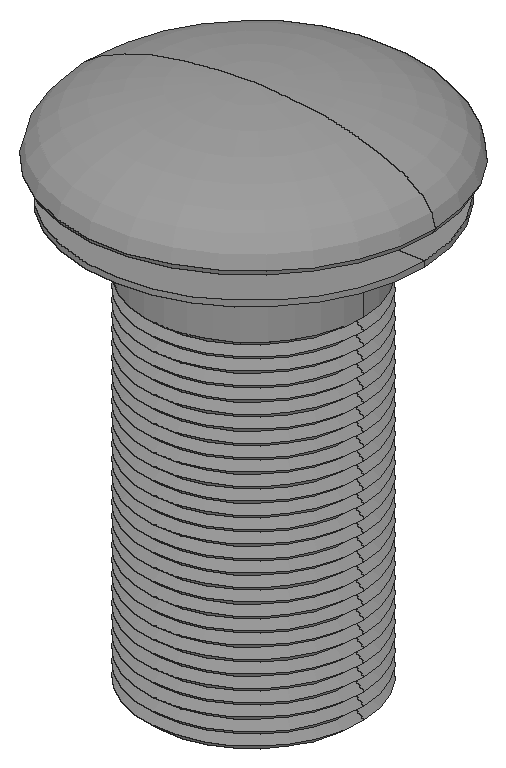
Revit family "BUILDMAT-POPCONGR-32mm_Concrete_Pop_Up_Waste-Meteor_Grey", category Plumbing Fixtures, Revit 2026
Family settings
  Round Connector Dimension = Use Diameter
  Part Type = Normal
  Work Plane-Based = Yes
  Enable Cutting in Views = Yes
  Always vertical = Yes
  Cut with Voids When Loaded = Yes
  Maintain Annotation Orientation = No
  Shared = No
  Room Calculation Point = No
Parameters
  Width = 66 mm
  PopUp_Material = BUILDMAT Meteor Grey
  MainBody_Material = BUILDMAT Stainless Steel
  Lock_Material = BUILDMAT Brass Gold
  Depth = 66 mm
  Default Elevation = 1219.2 mm
Reference planes
  plane 1 "Center (Front/Back)": y = 0
  plane 2: z = 0
  plane 3 "Center (Left/Right)": x = 0
  plane 4: x = -33
  plane 5: x = 33
  plane 6: y = 33
  plane 7: y = -33
  plane 8: z = 1
  plane 9: z = -5
  plane 10: z = -12
  plane 11: z = -78.68
  plane 12: z = 19
Forms (mm)
  Revolve 1, solid, material "BUILDMAT Stainless Steel" <- "MainBody_Material"
    sketch origin (0, 0, -0.397) x (1, 0, 0) y (0, 0, 1)
      loop
        line (0, 1.248) -> (0, -11.603) -> (-19.988, -11.603) -> (-19.988, -3.848)
        arc (-19.988, -3.848) -> (-20.47, -2.811) -> (-21.441, -2.207) r 2
        line (-21.441, -2.207) -> (-31, 0.397) -> (-31, 1.397) -> (0, 1.397)
      axis (0, 1.397) -> (0, -11.603)
    angle from 0 to 360
  Revolve 2, solid, material "BUILDMAT Stainless Steel" <- "MainBody_Material"
    sketch origin (0, 0, -4.369) x (1, 0, 0) y (0, 0, 1)
      loop
        line (0, -7.631) -> (-19.952, -7.631) -> (-18.463, -8.794) -> (-19.958, -9.962) -> (-18.463, -11.131) -> (-19.958, -12.299) -> (-18.463, -13.467) -> (-19.958, -14.635) -> (-18.463, -15.803) -> (-19.958, -16.971) -> (-18.463, -18.139) -> (-19.958, -19.308) -> (-18.463, -20.476) -> (-19.958, -21.644) -> (-18.463, -22.812) -> (-19.958, -23.98) -> (-18.463, -25.148) -> (-19.958, -26.316) -> (-18.463, -27.485) -> (-19.958, -28.653) -> (-18.463, -29.821) -> (-19.958, -30.989) -> (-18.463, -32.157) -> (-19.958, -33.325) -> (-18.463, -34.493) -> (-19.958, -35.662) -> (-18.463, -36.83) -> (-19.958, -37.998) -> (-18.463, -39.166) -> (-19.958, -40.334) -> (-18.463, -41.502) -> (-19.958, -42.67) -> (-18.463, -43.839) -> (-19.958, -45.007) -> (-18.463, -46.175) -> (-19.958, -47.343) -> (-18.463, -48.511) -> (-19.958, -49.679) -> (-18.463, -50.847) -> (-19.958, -52.016) -> (-18.463, -53.184) -> (-19.958, -54.352) -> (-18.463, -55.52) -> (-19.958, -56.688) -> (-18.463, -57.856) -> (-19.958, -59.024) -> (-18.463, -60.193) -> (-19.958, -61.361) -> (-18.463, -62.529) -> (-19.958, -63.697) -> (-18.463, -64.865) -> (-19.958, -66.033) -> (-18.463, -67.201) -> (-19.958, -68.369) -> (-18.463, -69.538) -> (-19.958, -70.706) -> (-18.463, -71.874) -> (-19.958, -73.042) -> (-18.334, -74.311) -> (0, -74.311) -> (0, -7.631)
      axis (0, -7.631) -> (0, -74.311)
    angle from 0 to 360
  Extrusion 3, solid, material "BUILDMAT Brass Gold" <- "Lock_Material"
    sketch origin (0, 0, 0) x (1, 0, 0) y (0, 1, 0)
      loop
        circle (0, 0) r 14.5
    from 1 to 6
  Revolve 4, solid, material "BUILDMAT Meteor Grey" <- "PopUp_Material"
    sketch origin (0, 0, 6) x (1, 0, 0) y (0, 0, 1)
      loop
        line (0, 0) -> (0, 13)
        spline (0, 13) -> (-4.307, 12.896) -> (-8.541, 12.587) -> (-12.629, 12.076) -> (-16.5, 11.374) -> (-20.089, 10.493) -> (-23.335, 9.446) -> (-26.181, 8.253) -> (-28.579, 6.933) -> (-30.488, 5.509) -> (-31.876, 4.007) -> (-32.718, 2.45) -> (-33, 0.866)
        line (-33, 0.866) -> (-32.5, 0) -> (0, 0)
      axis (0, 13) -> (0, 0)
    angle from 0 to 360
Text (mm)
  text "Refer to www.buildmat.com.au for the most current product literature. \nAllow a +/- 5mm tolerance for dimensions shown in the product literature. \nPlease note product details are subject to change due to ongoing product development." at (-1.255, -131.559, 0), in view "Ref. Level"
Dimensions and locks
  "Width": plane 4 to plane 5
  "Depth": plane 6 to plane 7
  plane 8 to plane 11 = 79.68 mm
  equal spacing: plane 6, plane 1 "Center (Front/Back)", plane 7
  equal spacing: plane 4, plane 3 "Center (Left/Right)", plane 5
  aligned and locked: level to plane 2
Automatic sketch dimensions
  Revolve 1 sketch curve to level = 0 mm
  Revolve 1 sketch curve to plane 3 "Center (Left/Right)" = 0 mm  (x3)
  Revolve 1 sketch curve to level = 4.245 mm
  plane 4 to Revolve 1 sketch curve = 13.012 mm
  Revolve 1 sketch curve to level = 2.604 mm
  Revolve 1 sketch curve to Revolve 1 sketch curve = 1.453 mm
  Revolve 1 sketch curve to Revolve 1 sketch curve = 1.979 mm
  plane 4 to Revolve 1 sketch curve = 2 mm
  Revolve 1 sketch curve to level = 12 mm
  Revolve 1 sketch curve to Revolve 1 sketch curve = 1 mm
  Revolve 1 sketch curve to Revolve 1 sketch curve = 0 mm
  Revolve 1 sketch curve to Revolve 1 sketch curve = 0.149 mm
  Revolve 1 sketch curve to Revolve 1 sketch curve = 0.245 mm
  Revolve 2 sketch curve to plane 3 "Center (Left/Right)" = 0 mm  (x2)
  plane 4 to Revolve 2 sketch curve = 14.666 mm
  plane 4 to Revolve 2 sketch curve = 14.537 mm  (x2)
  Revolve 2 sketch curve to Revolve 2 sketch curve = 0.129 mm
  Revolve 2 sketch curve to Revolve 2 sketch curve = 0 mm  (x25)
  Revolve 2 sketch curve to Revolve 2 sketch curve = 1.489 mm
  Revolve 2 sketch curve to Revolve 2 sketch curve = 1.495 mm  (x28)
  Revolve 2 sketch curve to level = 78.68 mm
  Revolve 2 sketch curve to Revolve 2 sketch curve = 1.269 mm
  Revolve 2 sketch curve to Revolve 2 sketch curve = 1.168 mm  (x55)
  Revolve 2 sketch curve to level = 12 mm
  Revolve 2 sketch curve to Revolve 2 sketch curve = 0.1 mm
  Revolve 2 sketch curve to Revolve 2 sketch curve = 0.211 mm
  plane 1 "Center (Front/Back)" to Extrusion 3 sketch curve = 0 mm
  Extrusion 3 sketch curve to plane 3 "Center (Left/Right)" = 0 mm
  Revolve 4 sketch curve to plane 4 = 0 mm
  Revolve 4 sketch curve to plane 3 "Center (Left/Right)" = 0 mm  (x2)
  plane 4 to Revolve 4 sketch curve = 0.5 mm
  level to Revolve 4 sketch curve = 6 mm
  Revolve 4 sketch curve to Revolve 4 sketch curve = 0.866 mm
  Revolve 4 sketch curve to Revolve 4 sketch curve = 12.134 mm
  Revolve 4 sketch curve to Revolve 4 sketch curve = 0 mm  (x2)
  radius of Extrusion 3 sketch curve = 14.5 mm
